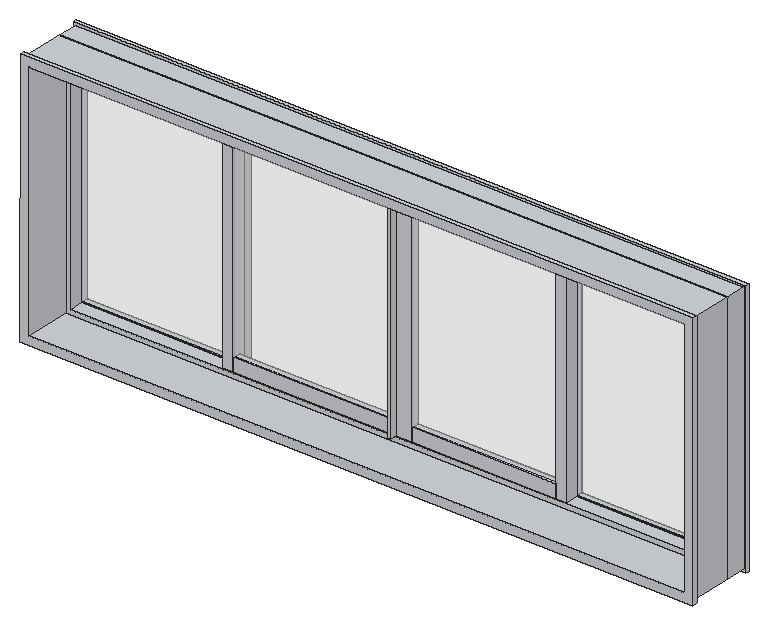
Revit family "APL Residential Thermal Heart Sliding Window FSSF", category Windows, host Wall, Revit 2017 (continued)
Definition of nested family "APL Residential Thermal Heart Sliding Window FSSF Vertical Section"
  Definition of nested family "Two Panel Head"
    Definition of nested family "65400_Frame Head"
      Lines and regions (mm)
        detail lines, in view "Ref. Level"
          curve 474: arc (16.645, -2.9, 0) -> (17.218, -3.081, 0) -> (17.584, -3.558, 0) r 1
          curve 475: arc (18.377, -5.737, 0) -> (18.524, -5.928, 0) -> (18.753, -6, 0) r 0.4
          curve 476: arc (21.447, -6, 0) -> (21.676, -5.928, 0) -> (21.823, -5.737, 0) r 0.4
          curve 477: arc (22.616, -3.558, 0) -> (22.982, -3.081, 0) -> (23.555, -2.9, 0) r 1
          curve 478: arc (24.478, -2.9, 0) -> (24.789, -2.859, 0) -> (25.079, -2.739, 0) r 1.2
          curve 479: arc (26.607, -1.854, 0) -> (26.704, -1.814, 0) -> (26.807, -1.8, 0) r 0.4
          curve 480: arc (27.1, -1.8, 0) -> (27.383, -1.917, 0) -> (27.5, -2.2, 0) r 0.4
          curve 481: arc (27.5, -5.6, 0) -> (27.383, -5.883, 0) -> (27.1, -6, 0) r 0.4
          curve 482: arc (26.807, -6, 0) -> (26.704, -5.986, 0) -> (26.607, -5.946, 0) r 0.4
          curve 483: arc (25.079, -5.061, 0) -> (24.785, -4.94, 0) -> (24.47, -4.9, 0) r 1.2
          curve 484: arc (24.47, -4.9, 0) -> (24.295, -4.953, 0) -> (24.184, -5.097, 0) r 0.3
          curve 485: arc (23.296, -7.537, 0) -> (23.149, -7.728, 0) -> (22.92, -7.8, 0) r 0.4
          curve 486: arc (17.28, -7.8, 0) -> (17.051, -7.728, 0) -> (16.904, -7.537, 0) r 0.4
          curve 487: arc (16.016, -5.097, 0) -> (15.905, -4.953, 0) -> (15.73, -4.9, 0) r 0.3
          curve 488: arc (15.73, -4.9, 0) -> (15.415, -4.94, 0) -> (15.121, -5.061, 0) r 1.2
          curve 489: arc (13.593, -5.946, 0) -> (13.496, -5.986, 0) -> (13.393, -6, 0) r 0.4
          curve 490: arc (13.1, -6, 0) -> (12.817, -5.883, 0) -> (12.7, -5.6, 0) r 0.4
          curve 491: line (13.1, -1.8, 0) -> (13.393, -1.8, 0)
          curve 492: line (13.593, -1.854, 0) -> (15.121, -2.739, 0)
          curve 493: line (15.722, -2.9, 0) -> (16.645, -2.9, 0)
          curve 494: line (17.584, -3.558, 0) -> (18.377, -5.737, 0)
          curve 495: line (18.753, -6, 0) -> (21.447, -6, 0)
          curve 496: line (21.823, -5.737, 0) -> (22.616, -3.558, 0)
          curve 497: line (23.555, -2.9, 0) -> (24.478, -2.9, 0)
          curve 498: line (25.079, -2.739, 0) -> (26.607, -1.854, 0)
          curve 499: line (26.807, -1.8, 0) -> (27.1, -1.8, 0)
          curve 500: line (27.5, -2.2, 0) -> (27.5, -5.6, 0)
          curve 501: line (27.1, -6, 0) -> (26.807, -6, 0)
          curve 502: line (26.607, -5.946, 0) -> (25.079, -5.061, 0)
          curve 503: line (24.184, -5.097, 0) -> (23.296, -7.537, 0)
          curve 504: line (22.92, -7.8, 0) -> (17.28, -7.8, 0)
          curve 505: line (16.904, -7.537, 0) -> (16.016, -5.097, 0)
          curve 506: line (15.121, -5.061, 0) -> (13.593, -5.946, 0)
          curve 507: line (13.393, -6, 0) -> (13.1, -6, 0)
          curve 508: line (12.7, -5.6, 0) -> (12.7, -2.2, 0)
          curve 509: arc (10.8, -6.498, 0) -> (11.356, -7.843, 0) -> (12.7, -8.4, 0) r 1.9
          curve 510: arc (13.1, -8.4, 0) -> (13.241, -8.459, 0) -> (13.3, -8.6, 0) r 0.2
          curve 511: arc (13.3, -15.4, 0) -> (13.241, -15.541, 0) -> (13.1, -15.6, 0) r 0.2
          curve 512: arc (11, -15.6, 0) -> (10.859, -15.659, 0) -> (10.8, -15.8, 0) r 0.2
          curve 513: arc (10.8, -16.283, 0) -> (10.741, -16.425, 0) -> (10.6, -16.483, 0) r 0.2
          curve 514: arc (1.9, -16.483, 0) -> (1.546, -16.337, 0) -> (1.4, -15.983, 0) r 0.5
          curve 515: arc (1.4, -2.245, 0) -> (1.521, -1.631, 0) -> (1.869, -1.111, 0) r 1.6
          curve 516: arc (6.387, 3.407, 0) -> (6.711, 3.624, 0) -> (7.094, 3.7, 0) r 1
          curve 517: arc (9.8, 3.7, 0) -> (10.507, 3.407, 0) -> (10.8, 2.7, 0) r 1
          curve 518: arc (1.665, -23.621, 0) -> (1.729, -23.522, 0) -> (1.725, -23.403, 0) r 0.2
          curve 519: arc (1.725, -23.403, 0) -> (1.621, -23.234, 0) -> (1.453, -23.127, 0) r 0.45
          curve 520: arc (1.453, -23.127, 0) -> (1.357, -23.052, 0) -> (1.322, -22.936, 0) r 0.2
          curve 521: arc (1.379, -18.081, 0) -> (1.438, -17.941, 0) -> (1.579, -17.883, 0) r 0.2
          curve 522: arc (10.6, -17.883, 0) -> (10.741, -17.942, 0) -> (10.8, -18.083, 0) r 0.2
          curve 523: arc (10.8, -22.172, 0) -> (10.773, -22.272, 0) -> (10.7, -22.345, 0) r 0.2
          curve 524: arc (9.6, -22.98, 0) -> (9.38, -23.2, 0) -> (9.3, -23.5, 0) r 0.6
          curve 525: arc (9.3, -23.8, 0) -> (9.359, -23.941, 0) -> (9.5, -24, 0) r 0.2
          curve 526: arc (13.617, -24, 0) -> (13.922, -23.801, 0) -> (14.195, -24.043, 0) r 0.3
          curve 527: arc (14.195, -24.043, 0) -> (14.261, -24.181, 0) -> (14.387, -24.268, 0) r 0.3
          curve 528: arc (15.797, -24.782, 0) -> (16.083, -24.738, 0) -> (16.199, -24.474, 0) r 0.3
          curve 529: arc (15.992, -22.108, 0) -> (15.965, -22.008, 0) -> (15.905, -21.922, 0) r 0.3
          curve 530: arc (15.541, -21.559, 0) -> (15.348, -21.507, 0) -> (15.207, -21.648, 0) r 0.2
          curve 531: arc (15.162, -21.816, 0) -> (15.11, -21.905, 0) -> (15.021, -21.957, 0) r 0.2
          curve 532: arc (12.878, -22.49, 0) -> (12.536, -22.343, 0) -> (12.6, -21.976, 0) r 0.3
          curve 533: arc (12.6, -21.976, 0) -> (12.674, -21.875, 0) -> (12.7, -21.753, 0) r 0.3
          curve 534: arc (12.506, -17.75, 0) -> (12.542, -17.578, 0) -> (12.7, -17.5, 0) r 0.2
          curve 535: arc (13.221, -17.5, 0) -> (13.302, -17.511, 0) -> (13.377, -17.544, 0) r 0.3
          curve 536: arc (14.631, -18.309, 0) -> (14.637, -18.502, 0) -> (14.78, -18.633, 0) r 0.25
          curve 537: arc (14.78, -18.633, 0) -> (15.05, -18.679, 0) -> (15.2, -18.45, 0) r 0.25
          curve 538: arc (15.2, -8.599, 0) -> (15.259, -8.458, 0) -> (15.4, -8.4, 0) r 0.2
          curve 539: arc (16.479, -8.4, 0) -> (16.643, -8.315, 0) -> (16.667, -8.132, 0) r 0.2
          curve 540: arc (15.775, -5.682, 0) -> (15.702, -5.586, 0) -> (15.587, -5.55, 0) r 0.2
          curve 541: arc (15.353, -5.55, 0) -> (15.248, -5.52, 0) -> (15.174, -5.439, 0) r 0.2
          curve 542: arc (15.174, -5.439, 0) -> (14.995, -5.304, 0) -> (14.78, -5.367, 0) r 0.25
          curve 543: arc (14.78, -5.367, 0) -> (14.637, -5.498, 0) -> (14.631, -5.691, 0) r 0.25
          curve 544: arc (13.377, -6.456, 0) -> (13.302, -6.489, 0) -> (13.221, -6.5, 0) r 0.3
          curve 545: arc (12.7, -6.5, 0) -> (12.542, -6.422, 0) -> (12.506, -6.25, 0) r 0.2
          curve 546: arc (12.7, -2.247, 0) -> (12.674, -2.125, 0) -> (12.6, -2.024, 0) r 0.3
          curve 547: arc (12.6, -2.024, 0) -> (12.536, -1.657, 0) -> (12.878, -1.51, 0) r 0.3
          curve 548: arc (15.021, -2.043, 0) -> (15.11, -2.095, 0) -> (15.162, -2.184, 0) r 0.2
          curve 549: arc (15.207, -2.352, 0) -> (15.348, -2.493, 0) -> (15.541, -2.441, 0) r 0.2
          curve 550: arc (15.905, -2.078, 0) -> (15.965, -1.992, 0) -> (15.992, -1.892, 0) r 0.3
          curve 551: arc (16.199, 0.474, 0) -> (16.083, 0.738, 0) -> (15.797, 0.782, 0) r 0.3
          curve 552: arc (14.387, 0.268, 0) -> (14.261, 0.181, 0) -> (14.195, 0.043, 0) r 0.3
          curve 553: arc (14.195, 0.043, 0) -> (13.922, -0.199, 0) -> (13.617, 0, 0) r 0.3
          curve 554: arc (12.6, 0, 0) -> (12.459, 0.059, 0) -> (12.4, 0.2, 0) r 0.2
          curve 555: arc (12.4, 2.696, 0) -> (11.64, 4.537, 0) -> (9.8, 5.3, 0) r 2.6
          curve 556: arc (7.9, 5.3, 0) -> (7.547, 5.446, 0) -> (7.4, 5.8, 0) r 0.5
          curve 557: arc (7.4, 13.402, 0) -> (7.508, 13.581, 0) -> (7.716, 13.566, 0) r 0.2
          curve 558: arc (7.716, 13.566, 0) -> (8.721, 13.692, 0) -> (8.684, 14.705, 0) r 0.75
          curve 559: arc (8.684, 14.705, 0) -> (8.15, 16.005, 0) -> (8.684, 17.305, 0) r 1.85
          curve 560: arc (8.684, 17.305, 0) -> (8.794, 17.447, 0) -> (8.867, 17.612, 0) r 0.75
          curve 561: arc (8.867, 17.612, 0) -> (8.97, 17.796, 0) -> (9.14, 17.921, 0) r 0.5
          curve 562: arc (9.14, 17.921, 0) -> (10, 18.105, 0) -> (10.86, 17.921, 0) r 2.1
          curve 563: arc (10.86, 17.921, 0) -> (11.03, 17.796, 0) -> (11.133, 17.612, 0) r 0.5
          curve 564: arc (11.133, 17.612, 0) -> (11.206, 17.447, 0) -> (11.316, 17.305, 0) r 0.75
          curve 565: arc (11.316, 17.305, 0) -> (11.85, 16.005, 0) -> (11.316, 14.705, 0) r 1.85
          curve 566: arc (11.316, 14.705, 0) -> (11.323, 13.644, 0) -> (12.384, 13.651, 0) r 0.75
          curve 567: arc (12.384, 13.651, 0) -> (13.348, 15.881, 0) -> (12.551, 18.176, 0) r 3.35
          curve 568: arc (12.551, 18.176, 0) -> (12.478, 18.71, 0) -> (12.932, 19, 0) r 0.5
          curve 569: arc (13.15, 19, 0) -> (13.291, 19.059, 0) -> (13.35, 19.2, 0) r 0.2
          curve 570: arc (13.35, 19.5, 0) -> (13.204, 19.854, 0) -> (12.85, 20, 0) r 0.5
          curve 571: arc (7, 20, 0) -> (6.293, 19.707, 0) -> (6, 19, 0) r 1
          curve 572: arc (6, 6.243, 0) -> (5.772, 5.095, 0) -> (5.121, 4.121, 0) r 3
          curve 573: arc (0.879, -0.121, 0) -> (0.228, -1.095, 0) -> (0, -2.243, 0) r 3
          curve 574: arc (0, -23.8, 0) -> (0.059, -23.941, 0) -> (0.2, -24, 0) r 0.2
          curve 575: line (10.8, 2.7, 0) -> (10.8, -6.498, 0)
          curve 576: line (12.7, -8.4, 0) -> (13.1, -8.4, 0)
          curve 577: line (13.3, -8.6, 0) -> (13.3, -15.4, 0)
          curve 578: line (13.1, -15.6, 0) -> (11, -15.6, 0)
          curve 579: line (10.8, -15.8, 0) -> (10.8, -16.283, 0)
          curve 580: line (10.6, -16.483, 0) -> (1.9, -16.483, 0)
          curve 581: line (1.4, -15.983, 0) -> (1.4, -2.245, 0)
          curve 582: line (1.869, -1.111, 0) -> (6.387, 3.407, 0)
          curve 583: line (7.094, 3.7, 0) -> (9.8, 3.7, 0)
          curve 584: line (1.322, -22.936, 0) -> (1.379, -18.081, 0)
          curve 585: line (1.579, -17.883, 0) -> (10.6, -17.883, 0)
          curve 586: line (10.8, -18.083, 0) -> (10.8, -22.172, 0)
          curve 587: line (10.7, -22.345, 0) -> (9.6, -22.98, 0)
          curve 588: line (9.3, -23.5, 0) -> (9.3, -23.8, 0)
          curve 589: line (9.5, -24, 0) -> (13.617, -24, 0)
          curve 590: line (14.387, -24.268, 0) -> (15.797, -24.782, 0)
          curve 591: line (16.199, -24.474, 0) -> (15.992, -22.108, 0)
          curve 592: line (15.905, -21.922, 0) -> (15.541, -21.559, 0)
          curve 593: line (15.207, -21.648, 0) -> (15.162, -21.816, 0)
          curve 594: line (15.021, -21.957, 0) -> (12.888, -22.528, 0)
          curve 595: line (12.7, -21.753, 0) -> (12.7, -18.525, 0)
          curve 596: line (12.7, -18.5, 0) -> (12.506, -17.75, 0)
          curve 597: line (12.7, -17.5, 0) -> (13.221, -17.5, 0)
          curve 598: line (13.377, -17.544, 0) -> (14.631, -18.309, 0)
          curve 599: line (15.2, -18.45, 0) -> (15.2, -16.874, 0)
          curve 600: line (15.2, -16.874, 0) -> (15.2, -8.599, 0)
          curve 601: line (15.4, -8.4, 0) -> (16.479, -8.4, 0)
          curve 602: line (16.667, -8.132, 0) -> (15.775, -5.682, 0)
          curve 603: line (15.587, -5.55, 0) -> (15.353, -5.55, 0)
          curve 604: line (14.631, -5.691, 0) -> (13.377, -6.456, 0)
          curve 605: line (13.221, -6.5, 0) -> (12.7, -6.5, 0)
          curve 606: line (12.506, -6.25, 0) -> (12.7, -5.5, 0)
          curve 607: line (12.7, -5.475, 0) -> (12.7, -2.247, 0)
          curve 608: line (12.888, -1.472, 0) -> (15.021, -2.043, 0)
          curve 609: line (15.162, -2.184, 0) -> (15.207, -2.352, 0)
          curve 610: line (15.541, -2.441, 0) -> (15.905, -2.078, 0)
          curve 611: line (15.992, -1.892, 0) -> (16.199, 0.474, 0)
          curve 612: line (15.797, 0.782, 0) -> (14.387, 0.268, 0)
          curve 613: line (13.617, 0, 0) -> (12.6, 0, 0)
          curve 614: line (12.4, 0.2, 0) -> (12.4, 2.696, 0)
          curve 615: line (9.8, 5.3, 0) -> (7.9, 5.3, 0)
          curve 616: line (7.4, 5.8, 0) -> (7.4, 13.402, 0)
          curve 617: line (12.932, 19, 0) -> (13.15, 19, 0)
          curve 618: line (13.35, 19.2, 0) -> (13.35, 19.5, 0)
          curve 619: line (12.85, 20, 0) -> (7, 20, 0)
          curve 620: line (6, 19, 0) -> (6, 6.243, 0)
          curve 621: line (5.121, 4.121, 0) -> (0.879, -0.121, 0)
          curve 622: line (0, -2.243, 0) -> (0, -23.8, 0)
          curve 623: line (0.2, -24, 0) -> (1.214, -24, 0)
          curve 624: line (1.214, -24, 0) -> (1.665, -23.621, 0)
          curve 625: line (106.85, -41.439, 0) -> (112.6, -39.899, 0)
          curve 626: line (111.139, -40.29, 0) -> (106.85, -40.29, 0)
          curve 627: line (112.6, -39.45, 0) -> (106.85, -39.45, 0)
          curve 628: line (112.6, -38.61, 0) -> (106.85, -38.61, 0)
          curve 629: line (112.6, -37.69, 0) -> (106.85, -37.69, 0)
          curve 630: line (112.6, -36.85, 0) -> (106.85, -36.85, 0)
          curve 631: line (111.139, -36.01, 0) -> (106.85, -36.01, 0)
          curve 632: line (112.6, -36.401, 0) -> (106.85, -34.861, 0)
          curve 633: line (112.85, -41.6, 0) -> (112.85, -34.7, 0)
          curve 634: line (112.6, -34.7, 0) -> (112.6, -41.6, 0)
          curve 635: line (112.6, -41.6, 0) -> (113.1, -41.6, 0)
          curve 636: line (113.1, -41.6, 0) -> (113.1, -34.7, 0)
          curve 637: line (113.1, -34.7, 0) -> (112.6, -34.7, 0)
          curve 651: line (74.132, -41.648, 0) -> (68.382, -40.107, 0)
          curve 652: line (69.843, -40.498, 0) -> (74.132, -40.498, 0)
          curve 653: line (68.382, -39.658, 0) -> (74.132, -39.658, 0)
          curve 654: line (68.382, -38.818, 0) -> (74.132, -38.818, 0)
          curve 655: line (68.382, -37.898, 0) -> (74.132, -37.898, 0)
          curve 656: line (68.382, -37.058, 0) -> (74.132, -37.058, 0)
          curve 657: line (69.843, -36.218, 0) -> (74.132, -36.218, 0)
          curve 658: line (68.382, -36.61, 0) -> (74.132, -35.069, 0)
          curve 659: line (68.132, -41.808, 0) -> (68.132, -34.908, 0)
          curve 660: line (68.382, -34.908, 0) -> (68.382, -41.808, 0)
          curve 661: line (68.382, -41.808, 0) -> (67.882, -41.808, 0)
          curve 662: line (67.882, -41.808, 0) -> (67.882, -34.908, 0)
          curve 663: line (67.882, -34.908, 0) -> (68.382, -34.908, 0)
        detail lines, in view "Ref. Level", not visible
          curve 638: line (101.764, -41.439, 0) -> (107.514, -39.899, 0)
          curve 639: line (106.053, -40.29, 0) -> (101.764, -40.29, 0)
          curve 640: line (107.514, -39.45, 0) -> (101.764, -39.45, 0)
          curve 641: line (107.514, -38.61, 0) -> (101.764, -38.61, 0)
          curve 642: line (107.514, -37.69, 0) -> (101.764, -37.69, 0)
          curve 643: line (107.514, -36.85, 0) -> (101.764, -36.85, 0)
          curve 644: line (106.053, -36.01, 0) -> (101.764, -36.01, 0)
          curve 645: line (107.514, -36.401, 0) -> (101.764, -34.861, 0)
          curve 646: line (107.764, -41.6, 0) -> (107.764, -34.7, 0)
          curve 647: line (107.514, -34.7, 0) -> (107.514, -41.6, 0)
          curve 648: line (107.514, -41.6, 0) -> (108.014, -41.6, 0)
          curve 649: line (108.014, -41.6, 0) -> (108.014, -34.7, 0)
          curve 650: line (108.014, -34.7, 0) -> (107.514, -34.7, 0)
      Text (mm)
        text "65400" at (41.516, 17.579, 0), in view "Ref. Level"
Definition of nested family "APL Residential Thermal Heart Sliding Window FSSF Horizontal Section"
  Parameters (values of type "Groove")
    Liner End [instance] = 10 mm
    Liner Block = Liner : Liner
    Liner [instance] = 100 mm
    Groove [instance] = 10 mm
    Glass Length [instance] = (Box Width / 4) - 96 mm  # 154 mm
    Glass Fixed Length [instance] = (Box Width / 4) - 44 mm  # 206 mm
    Box Width [instance] = 1000 mm
  Types (8, lengths in mm): name | Liner Block | Glass Length | Glass Fixed Length | Box Width
    Groove | Liner : Liner | 154 | 206 | 1000
    No Groove | Liner No Groove : Liner No Groove | 154 | 206 | 1000
    Liner | Liner No Groove : Liner No Groove | 29 | 81 | 500
    Groove Liner | Liner : Liner | 154 | 206 | 1000
    Single Glazing No Groove | Liner No Groove : Liner No Groove | 29 | 81 | 500
    Double Glazing No Groove | Liner No Groove : Liner No Groove | 29 | 81 | 500
    Single Glazing Groove | Liner : Liner | 29 | 81 | 500
    Double Glazing Groove | Liner : Liner | 29 | 81 | 500
  Reference planes
    plane 1 "Center (Front/Back)": y = 39.446
    plane 2: z = 0
    plane 3 "Center (Left/Right)": x = -0.083
    plane 4: x = -500.083
    plane 5: x = 499.917
    plane 6: y = 150.946
    plane 7: y = 150.946
    plane 8: x = -250.083
    plane 9: x = 249.917
    plane 10: x = -505.083
    plane 11: y = 57.796
    plane 12: y = 52.796
  Dimensions and locks
    equal spacing: plane 4, plane 3 "Center (Left/Right)", plane 5
    "Box Width": plane 4 to plane 5
    "Liner": plane 6 to nested 1
    "Liner": plane 7 to nested 2
    locked: nested 6 to nested 3 at 6.324
    locked: nested 3 to nested 7 at 6
    locked: nested 4 to nested 5 at 6.351
    locked: nested 4 to nested 5 at 30.351
    locked: nested 1 to nested 4 at 22.397
    locked: nested 4 to nested 4 at 43
    locked: nested 9 to nested 2 at 22.397
    locked: nested 12 to nested 10 at 6.324
    locked: nested 10 to nested 13 at 6
    locked: nested 11 to nested 9 at 6.4
    locked: nested 8 to nested 15 at 6
    locked: nested 15 to nested 14 at 6
    nested 10 to plane 9 to nested 10 = 25.41 mm locked, 26.59 mm locked
    nested 13 to plane 9 to nested 12 = 12.408 mm locked, 13.915 mm locked
    nested 6 to plane 8 to nested 7 = 13.915 mm locked, 12.408 mm locked
    locked: nested 11 to plane 5 at 30.4
    equal spacing: plane 4, plane 8, plane 3 "Center (Left/Right)"
    equal spacing: plane 3 "Center (Left/Right)", plane 9, plane 5
    plane 10 to plane 4 = 5 mm
    locked: plane 11 to nested 4 at 5
    nested 8 to plane 3 "Center (Left/Right)" to nested 14 = 69.673 mm locked, 16.385 mm locked
    nested 15 to plane 3 "Center (Left/Right)" to nested 15 = 82.678 mm locked, 29.39 mm locked
    aligned and locked: plane 7 to nested 2
    aligned and locked: plane 4 to nested 4
    aligned and locked: nested 4 to plane 12
  Nested families
    nested 1: "Liner" at (-479.48, 150.946, 0) x (0, 1, 0) z (0, 0, 1), type <- "Liner Block", type "Liner", in view "Ref. Level", detail levels fine
      with built-in parameter 1001306 0.32808 (stored number, unit not read)
    nested 2: "Liner" at (479.313, 150.946, 0) x (0, 1, 0) z (0, 0, 1), type <- "Liner Block", type "Liner", in view "Ref. Level", detail levels fine
      with built-in parameter 1001306 0.32808 (stored number, unit not read)
    nested 3: "Interlocker" at (-250.083, 109.946, 0), type "Interlocker", in view "Ref. Level", detail levels fine
    nested 4: "Jamb Fixed" at (-500.083, 39.446, 0), type "Jamb Fixed", in view "Ref. Level", detail levels fine
    nested 5: "Glazing Bead" at (-469.732, 54.946, 0) x (0, 1, 0) z (0, 0, 1), Glass Lenght <- "Glass Fixed Length", type "Glazing Bead", in view "Ref. Level", detail levels fine
      with Glass Lenght 206 mm
    nested 6: "Glazing Bead" at (-263.998, 54.946, 0) x (0, 1, 0) z (0, 0, 1), Glass Lenght <- "Glass Fixed Length", type "Glazing Bead", in view "Ref. Level", detail levels fine
      with Glass Lenght 206 mm
    nested 7: "Glass" at (-237.676, 117.147, 0) x (0, 1, 0) z (0, 0, 1), Glass Lenght <- "Glass Length", type "Glass", in view "Ref. Level", detail levels fine
      with Glass Lenght 154 mm
    nested 8: "Glass" at (-69.757, 117.147, 0) x (0, 1, 0) z (0, 0, 1), Glass Lenght <- "Glass Length", type "Glass", in view "Ref. Level", detail levels fine
      with Glass Lenght 154 mm
    nested 9: "Jamb Fixed" at (499.917, 39.446, 0) x (-1, 0, 0) z (0, 0, 1), type "Jamb Fixed", in view "Ref. Level", detail levels fine
    nested 10: "Interlocker" at (249.917, 109.946, 0) x (-1, 0, 0) z (0, 0, 1), type "Interlocker", in view "Ref. Level", detail levels fine
    nested 11: "Glazing Bead" at (469.517, 54.946, 0) x (0, 1, 0) z (0, 0, 1), Glass Lenght <- "Glass Fixed Length", type "Glazing Bead", in view "Ref. Level", detail levels fine
      with Glass Lenght 206 mm
    nested 12: "Glazing Bead" at (263.831, 54.946, 0) x (0, 1, 0) z (0, 0, 1), Glass Lenght <- "Glass Fixed Length", type "Glazing Bead", in view "Ref. Level", detail levels fine
      with Glass Lenght 206 mm
    nested 13: "Glass" at (237.509, 117.147, 0) x (0, 1, 0) z (0, 0, 1), Glass Lenght <- "Glass Length", type "Glass", in view "Ref. Level", detail levels fine
      with Glass Lenght 154 mm
    nested 14: "Glass" at (16.302, 117.147, 0) x (0, 1, 0) z (0, 0, 1), Glass Lenght <- "Glass Length", type "Glass", in view "Ref. Level", detail levels fine
      with Glass Lenght 154 mm
    nested 15: "Jointer Stiles" at (-20.083, 131.847, 0), type "Jointer Stiles", in view "Ref. Level", detail levels fine
  Definition of nested family "Liner"
    Parameters (values of type "Liner")
      Type Image = (empty or 0)
      built-in parameter 1001306 [instance] = 100 mm
      Groove [instance] = 10 mm
      End Liner [instance] = 10 mm
    Reference planes
      plane 1 "Center (Front/Back)": y = 0
      plane 2: z = 0
      plane 3 "Left": x = 0
      plane 4 "Right": x = 100
    Lines and regions (mm)
      Filled region 1, type "Brick", in view "Ref. Level"
        outline origin (0, 0, 0) x (1, 0, 0) y (0, 1, 0)
          loop
            line (0, 0) -> (120, 0) -> (120, 19) -> (110, 19) -> (110, 13.435) -> (100, 13.435) -> (100, 19) -> (0, 19) -> (0, 0)
      reference lines, in view "Ref. Level"
        curve 1: line (0, 0, 0) -> (100, 0, 0)
      detail lines, in view "Ref. Level", detail levels fine
        curve 2: line (100, 0, 0) -> (0, 0, 0)
    Dimensions and locks
      "built-in parameter 1001306": plane 3 "Left" to plane 4 "Right"
      locked: Filled region 1 to curve 2 at 19
      "Groove": plane 4 "Right" to Filled region 1
      "End Liner": Filled region 1 to Filled region 1
      aligned and locked: plane 1 "Center (Front/Back)" to curve 1
      aligned and locked: plane 3 "Left" to curve 1
      aligned and locked: plane 4 "Right" to curve 1
      aligned and locked: curve 1 to Filled region 1
      aligned and locked: plane 1 "Center (Front/Back)" to Filled region 1
      aligned and locked: Filled region 1 to plane 3 "Left"
    Automatic sketch dimensions
      curve 2 to plane 4 "Right" = 0 mm
      Filled region 1 sketch curve to plane 3 "Left" = 0 mm
      Filled region 1 sketch curve to plane 4 "Right" = 0 mm
      Filled region 1 sketch curve to Filled region 1 sketch curve = 10 mm  (x2)
      Filled region 1 sketch curve to plane 1 "Center (Front/Back)" = 0 mm
      Filled region 1 sketch curve to plane 1 "Center (Front/Back)" = 13.435 mm
      Filled region 1 sketch curve to Filled region 1 sketch curve = 5.565 mm  (x2)
      curve 2 to plane 3 "Left" = 0 mm
  Definition of nested family "Interlocker"
    Reference planes
      plane 1 "Center (Front/Back)": y = 0
      plane 2: z = 0
      plane 3 "Center (Left/Right)": x = 0
    Lines and regions (mm)
      detail lines, in view "Ref. Level"
        curve 1: arc (-27.946, -29.718, 0) -> (-28.086, -30.028, 0) -> (-27.787, -30.191, 0) r 0.25
        curve 2: arc (-17.899, -30.164, 0) -> (-17.6, -30.002, 0) -> (-17.74, -29.692, 0) r 0.25
        curve 3: line (-27.787, -30.191, 0) -> (-23.919, -29.197, 0)
        curve 4: line (-23.919, -29.197, 0) -> (-23.34, -30.2, 0)
        curve 5: line (-23.34, -30.2, 0) -> (-22.34, -30.2, 0)
        curve 6: line (-22.34, -30.2, 0) -> (-21.748, -29.175, 0)
        curve 7: line (-21.748, -29.175, 0) -> (-17.899, -30.164, 0)
        curve 8: line (-17.74, -29.692, 0) -> (-21.84, -27.968, 0)
        curve 9: line (-21.84, -27.968, 0) -> (-21.84, -26.7, 0)
        curve 10: line (-21.84, -26.7, 0) -> (-20.59, -26.7, 0)
        curve 11: line (-20.59, -26.7, 0) -> (-20.59, -25.7, 0)
        curve 12: line (-20.59, -25.7, 0) -> (-25.09, -25.7, 0)
        curve 13: line (-25.09, -25.7, 0) -> (-25.09, -26.7, 0)
        curve 14: line (-25.09, -26.7, 0) -> (-23.84, -26.7, 0)
        curve 15: line (-23.84, -26.7, 0) -> (-23.84, -27.992, 0)
        curve 16: line (-23.84, -27.992, 0) -> (-27.946, -29.718, 0)
      detail lines, in view "Ref. Level", not visible
        curve 17: arc (33.161, -9.933, 0) -> (32.851, -9.793, 0) -> (32.689, -10.092, 0) r 0.25
        curve 18: arc (32.715, -19.98, 0) -> (32.877, -20.279, 0) -> (33.188, -20.139, 0) r 0.25
        curve 19: line (32.689, -10.092, 0) -> (33.683, -13.959, 0)
        curve 20: line (33.683, -13.959, 0) -> (32.679, -14.539, 0)
        curve 21: line (32.679, -14.539, 0) -> (32.679, -15.539, 0)
        curve 22: line (32.679, -15.539, 0) -> (33.705, -16.131, 0)
        curve 23: line (33.705, -16.131, 0) -> (32.715, -19.98, 0)
        curve 24: line (33.188, -20.139, 0) -> (34.912, -16.039, 0)
        curve 25: line (34.912, -16.039, 0) -> (36.179, -16.039, 0)
        curve 26: line (36.179, -16.039, 0) -> (36.179, -17.289, 0)
        curve 27: line (36.179, -17.289, 0) -> (37.179, -17.289, 0)
        curve 28: line (37.179, -17.289, 0) -> (37.179, -12.789, 0)
        curve 29: line (37.179, -12.789, 0) -> (36.179, -12.789, 0)
        curve 30: line (36.179, -12.789, 0) -> (36.179, -14.039, 0)
        curve 31: line (36.179, -14.039, 0) -> (34.887, -14.039, 0)
        curve 32: line (34.887, -14.039, 0) -> (33.161, -9.933, 0)
    Nested families
      nested 1: "65500_Interlocker Stile" at (-26.59, -6.05, 0) x (-1, 0, 0) z (0, 0, 1), type "65500_Interlocker Stile", in view "Ref. Level"
      nested 2: "65420_Interlocker Mullion" at (25.41, -70.5, 0), type "65420_Interlocker Mullion", in view "Ref. Level"
    Definition of nested family "65500_Interlocker Stile"
      Reference planes
        plane 1 "Center (Front/Back)": y = 0
        plane 2: z = 0
        plane 3 "Center (Left/Right)": x = 0
      Lines and regions (mm)
        model lines, in view "Ref. Level"
          curve 1: arc (-13.564, 1.218, 0) -> (-13.278, 1.262, 0) -> (-13.162, 1.526, 0) r 0.3
          curve 2: arc (-13.369, 3.892, 0) -> (-13.396, 3.992, 0) -> (-13.456, 4.078, 0) r 0.3
          curve 3: arc (-13.819, 4.441, 0) -> (-14.013, 4.493, 0) -> (-14.154, 4.352, 0) r 0.2
          curve 4: arc (-14.199, 4.184, 0) -> (-14.251, 4.095, 0) -> (-14.34, 4.043, 0) r 0.2
          curve 5: arc (-16.561, 3.5, 0) -> (-16.841, 3.693, 0) -> (-16.761, 4.024, 0) r 0.3
          curve 6: arc (-16.761, 4.024, 0) -> (-16.687, 4.125, 0) -> (-16.661, 4.247, 0) r 0.3
          curve 7: arc (-16.855, 8.25, 0) -> (-16.819, 8.422, 0) -> (-16.661, 8.5, 0) r 0.2
          curve 8: arc (-16.14, 8.5, 0) -> (-16.059, 8.489, 0) -> (-15.983, 8.456, 0) r 0.3
          curve 9: arc (-14.73, 7.691, 0) -> (-14.733, 7.521, 0) -> (-14.627, 7.389, 0) r 0.25
          curve 10: arc (-14.541, 7.337, 0) -> (-14.289, 7.332, 0) -> (-14.161, 7.549, 0) r 0.25
          curve 11: arc (-14.161, 7.8, 0) -> (-14.102, 7.941, 0) -> (-13.961, 8, 0) r 0.2
          curve 12: arc (-13.688, 8, 0) -> (-13.573, 8.036, 0) -> (-13.5, 8.132, 0) r 0.2
          curve 13: arc (-13.266, 8.775, 0) -> (-13.244, 8.859, 0) -> (-13.236, 8.946, 0) r 0.5
          curve 14: arc (-13.236, 9.9, 0) -> (-13.382, 10.254, 0) -> (-13.736, 10.4, 0) r 0.5
          curve 15: arc (-24.052, 10.4, 0) -> (-24.41, 10.544, 0) -> (-24.559, 10.9, 0) r 0.5
          curve 16: arc (-24.559, 14.446, 0) -> (-24.704, 14.802, 0) -> (-25.059, 14.95, 0) r 0.5
          curve 17: arc (-27.408, 14.95, 0) -> (-27.627, 14.823, 0) -> (-27.622, 14.57, 0) r 0.25
          curve 18: arc (-27.57, 14.484, 0) -> (-27.437, 14.378, 0) -> (-27.268, 14.381, 0) r 0.25
          curve 19: arc (-26.503, 13.127, 0) -> (-26.47, 13.052, 0) -> (-26.459, 12.971, 0) r 0.3
          curve 20: arc (-26.459, 12.45, 0) -> (-26.536, 12.292, 0) -> (-26.709, 12.256, 0) r 0.2
          curve 21: arc (-30.711, 12.45, 0) -> (-30.834, 12.424, 0) -> (-30.935, 12.35, 0) r 0.3
          curve 22: arc (-30.935, 12.35, 0) -> (-31.266, 12.27, 0) -> (-31.459, 12.55, 0) r 0.3
          curve 23: arc (-30.916, 14.771, 0) -> (-30.864, 14.86, 0) -> (-30.774, 14.912, 0) r 0.2
          curve 24: arc (-30.607, 14.957, 0) -> (-30.465, 15.098, 0) -> (-30.517, 15.291, 0) r 0.2
          curve 25: arc (-30.881, 15.655, 0) -> (-30.966, 15.715, 0) -> (-31.067, 15.742, 0) r 0.3
          curve 26: arc (-33.432, 15.949, 0) -> (-33.697, 15.833, 0) -> (-33.741, 15.547, 0) r 0.3
          curve 27: arc (-33.227, 14.137, 0) -> (-33.14, 14.011, 0) -> (-33.002, 13.945, 0) r 0.3
          curve 28: arc (-33.002, 13.945, 0) -> (-32.759, 13.672, 0) -> (-32.959, 13.367, 0) r 0.3
          curve 29: arc (-32.959, 12.624, 0) -> (-33.017, 12.482, 0) -> (-33.159, 12.424, 0) r 0.2
          curve 30: arc (-35.159, 12.424, 0) -> (-35.512, 12.277, 0) -> (-35.659, 11.924, 0) r 0.5
          curve 31: arc (-35.659, 10.05, 0) -> (-35.717, 9.908, 0) -> (-35.859, 9.85, 0) r 0.2
          curve 32: arc (-45.581, 9.85, 0) -> (-45.935, 9.996, 0) -> (-46.081, 10.349, 0) r 0.499
          curve 33: arc (-46.081, 10.75, 0) -> (-45.935, 11.104, 0) -> (-45.581, 11.25, 0) r 0.5
          curve 34: arc (-44.831, 11.25, 0) -> (-44.69, 11.309, 0) -> (-44.631, 11.45, 0) r 0.2
          curve 35: arc (-44.631, 12.05, 0) -> (-44.69, 12.191, 0) -> (-44.831, 12.25, 0) r 0.2
          curve 36: arc (-47.931, 12.25, 0) -> (-48.072, 12.191, 0) -> (-48.131, 12.05, 0) r 0.2
          curve 37: arc (-48.131, 11.45, 0) -> (-48.072, 11.309, 0) -> (-47.931, 11.25, 0) r 0.2
          curve 38: arc (-47.581, 11.25, 0) -> (-47.44, 11.191, 0) -> (-47.381, 11.05, 0) r 0.2
          curve 39: arc (-47.381, 10.45, 0) -> (-47.44, 10.309, 0) -> (-47.581, 10.25, 0) r 0.2
          curve 40: arc (-47.931, 10.25, 0) -> (-48.072, 10.191, 0) -> (-48.131, 10.05, 0) r 0.2
          curve 41: arc (-48.131, 9.749, 0) -> (-48.277, 9.395, 0) -> (-48.631, 9.249, 0) r 0.5
          curve 42: arc (-49.631, 9.249, 0) -> (-49.985, 9.395, 0) -> (-50.131, 9.749, 0) r 0.5
          curve 43: arc (-50.131, 10.05, 0) -> (-50.19, 10.191, 0) -> (-50.331, 10.25, 0) r 0.2
          curve 44: arc (-50.681, 10.25, 0) -> (-50.822, 10.309, 0) -> (-50.881, 10.45, 0) r 0.2
          curve 45: arc (-50.881, 11.05, 0) -> (-50.822, 11.191, 0) -> (-50.681, 11.25, 0) r 0.2
          curve 46: arc (-50.331, 11.25, 0) -> (-50.19, 11.309, 0) -> (-50.131, 11.45, 0) r 0.2
          curve 47: arc (-50.131, 12.05, 0) -> (-50.19, 12.191, 0) -> (-50.331, 12.25, 0) r 0.2
          curve 48: arc (-51.761, 12.25, 0) -> (-51.902, 12.191, 0) -> (-51.961, 12.05, 0) r 0.2
          curve 49: arc (-52.336, 8.799, 0) -> (-52.711, 8.424, 0) -> (-52.336, 8.049, 0) r 0.375
          curve 50: arc (-33.059, 8.05, 0) -> (-32.559, 8.55, 0) -> (-33.059, 9.05, 0) r 0.5
          curve 51: arc (-33.959, 9.05, 0) -> (-34.1, 9.109, 0) -> (-34.159, 9.25, 0) r 0.2
          curve 52: arc (-34.159, 10.35, 0) -> (-34.1, 10.491, 0) -> (-33.959, 10.55, 0) r 0.2
          curve 53: arc (-26.659, 10.55, 0) -> (-26.517, 10.491, 0) -> (-26.459, 10.35, 0) r 0.2
          curve 54: arc (-26.459, 9.25, 0) -> (-26.517, 9.109, 0) -> (-26.659, 9.05, 0) r 0.2
          curve 55: arc (-27.559, 9.05, 0) -> (-28.059, 8.55, 0) -> (-27.559, 8.05, 0) r 0.5
          curve 56: arc (-19.061, 8.05, 0) -> (-18.707, 7.904, 0) -> (-18.561, 7.55, 0) r 0.5
          curve 57: arc (-18.561, 2.6, 0) -> (-18.854, 1.893, 0) -> (-19.561, 1.6, 0) r 1
          curve 58: arc (-28.809, 1.6, 0) -> (-29.609, 0.8, 0) -> (-28.809, 0, 0) r 0.8
          curve 59: arc (-17.661, 0, 0) -> (-16.954, 0.293, 0) -> (-16.661, 1, 0) r 1
          curve 60: arc (-16.661, 1.8, 0) -> (-16.602, 1.941, 0) -> (-16.461, 2, 0) r 0.2
          curve 61: arc (-15.744, 2, 0) -> (-15.438, 2.199, 0) -> (-15.166, 1.957, 0) r 0.3
          curve 62: arc (-15.166, 1.957, 0) -> (-15.1, 1.819, 0) -> (-14.974, 1.732, 0) r 0.3
          curve 63: line (-13.162, 1.526, 0) -> (-13.369, 3.892, 0)
          curve 64: line (-13.456, 4.078, 0) -> (-13.819, 4.441, 0)
          curve 65: line (-14.154, 4.352, 0) -> (-14.199, 4.184, 0)
          curve 66: line (-14.199, 4.184, 0) -> (-16.329, 3.51, 0)
          curve 67: line (-16.329, 3.51, 0) -> (-16.561, 3.5, 0)
          curve 68: line (-16.661, 4.247, 0) -> (-16.661, 7.475, 0)
          curve 69: line (-16.661, 7.475, 0) -> (-16.855, 8.25, 0)
          curve 70: line (-16.661, 8.5, 0) -> (-16.14, 8.5, 0)
          curve 71: line (-16.14, 8.5, 0) -> (-14.73, 7.691, 0)
          curve 72: line (-14.161, 7.549, 0) -> (-14.161, 7.8, 0)
          curve 73: line (-13.961, 8, 0) -> (-13.688, 8, 0)
          curve 74: line (-13.5, 8.132, 0) -> (-13.266, 8.775, 0)
          curve 75: line (-13.236, 8.946, 0) -> (-13.236, 9.9, 0)
          curve 76: line (-13.736, 10.4, 0) -> (-24.052, 10.4, 0)
          curve 77: line (-24.559, 10.9, 0) -> (-24.559, 14.446, 0)
          curve 78: line (-25.059, 14.95, 0) -> (-27.408, 14.95, 0)
          curve 79: line (-27.268, 14.381, 0) -> (-26.503, 13.127, 0)
          curve 80: line (-26.503, 13.127, 0) -> (-26.459, 12.45, 0)
          curve 81: line (-26.709, 12.256, 0) -> (-27.459, 12.45, 0)
          curve 82: line (-27.434, 12.444, 0) -> (-30.711, 12.45, 0)
          curve 83: line (-31.459, 12.704, 0) -> (-30.916, 14.771, 0)
          curve 84: line (-30.916, 14.771, 0) -> (-30.607, 14.957, 0)
          curve 85: line (-30.517, 15.291, 0) -> (-30.881, 15.655, 0)
          curve 86: line (-31.067, 15.742, 0) -> (-33.432, 15.949, 0)
          curve 87: line (-33.741, 15.547, 0) -> (-33.227, 14.137, 0)
          curve 88: line (-32.959, 13.367, 0) -> (-32.959, 12.624, 0)
          curve 89: line (-33.159, 12.424, 0) -> (-35.159, 12.424, 0)
          curve 90: line (-35.659, 11.924, 0) -> (-35.659, 10.05, 0)
          curve 91: line (-35.859, 9.85, 0) -> (-45.581, 9.85, 0)
          curve 92: line (-46.081, 10.349, 0) -> (-46.081, 10.75, 0)
          curve 93: line (-45.581, 11.25, 0) -> (-44.831, 11.25, 0)
          curve 94: line (-44.631, 11.45, 0) -> (-44.631, 12.05, 0)
          curve 95: line (-44.831, 12.25, 0) -> (-47.931, 12.25, 0)
          curve 96: line (-48.131, 12.05, 0) -> (-48.131, 11.45, 0)
          curve 97: line (-47.931, 11.25, 0) -> (-47.581, 11.25, 0)
          curve 98: line (-47.381, 11.05, 0) -> (-47.381, 10.45, 0)
          curve 99: line (-47.581, 10.25, 0) -> (-47.931, 10.25, 0)
          curve 100: line (-48.131, 10.05, 0) -> (-48.131, 9.749, 0)
          curve 101: line (-48.631, 9.249, 0) -> (-49.631, 9.249, 0)
          curve 102: line (-50.131, 9.749, 0) -> (-50.131, 10.05, 0)
          curve 103: line (-50.331, 10.25, 0) -> (-50.681, 10.25, 0)
          curve 104: line (-50.881, 10.45, 0) -> (-50.881, 11.05, 0)
          curve 105: line (-50.681, 11.25, 0) -> (-50.331, 11.25, 0)
          curve 106: line (-50.131, 11.45, 0) -> (-50.131, 12.05, 0)
          curve 107: line (-50.331, 12.25, 0) -> (-51.761, 12.25, 0)
          curve 108: line (-51.961, 12.05, 0) -> (-51.961, 8.799, 0)
          curve 109: line (-51.961, 8.799, 0) -> (-52.336, 8.799, 0)
          curve 110: line (-52.336, 8.049, 0) -> (-33.059, 8.049, 0)
          curve 111: line (-33.059, 9.05, 0) -> (-33.959, 9.05, 0)
          curve 112: line (-34.159, 9.25, 0) -> (-34.159, 10.35, 0)
          curve 113: line (-33.959, 10.55, 0) -> (-26.659, 10.55, 0)
          curve 114: line (-26.459, 10.35, 0) -> (-26.459, 9.25, 0)
          curve 115: line (-26.659, 9.05, 0) -> (-27.559, 9.05, 0)
          curve 116: line (-27.559, 8.05, 0) -> (-19.061, 8.05, 0)
          curve 117: line (-18.561, 7.55, 0) -> (-18.561, 2.6, 0)
          curve 118: line (-19.561, 1.6, 0) -> (-28.809, 1.6, 0)
          curve 119: line (-28.809, 0, 0) -> (-17.661, 0, 0)
          curve 120: line (-16.661, 1, 0) -> (-16.661, 1.8, 0)
          curve 121: line (-16.461, 2, 0) -> (-15.744, 2, 0)
          curve 122: line (-14.974, 1.732, 0) -> (-13.564, 1.218, 0)
          curve 123: arc (-31.398, 41.7, 0) -> (-31.251, 42.054, 0) -> (-30.898, 42.2, 0) r 0.5
          curve 124: arc (-2.1, 42.2, 0) -> (-1.746, 42.054, 0) -> (-1.6, 41.7, 0) r 0.5
          curve 125: arc (-1.6, 10.9, 0) -> (-1.746, 10.546, 0) -> (-2.1, 10.4, 0) r 0.5
          curve 126: arc (-4.86, 10.4, 0) -> (-5.213, 10.254, 0) -> (-5.36, 9.9, 0) r 0.5
          curve 127: arc (-5.36, 9.042, 0) -> (-5.352, 8.955, 0) -> (-5.33, 8.871, 0) r 0.5
          curve 128: arc (-5.061, 8.132, 0) -> (-4.987, 8.036, 0) -> (-4.873, 8, 0) r 0.2
          curve 129: arc (-4.6, 8, 0) -> (-4.459, 7.941, 0) -> (-4.4, 7.8, 0) r 0.2
          curve 130: arc (-4.4, 7.55, 0) -> (-4.272, 7.332, 0) -> (-4.02, 7.337, 0) r 0.25
          curve 131: arc (-3.934, 7.389, 0) -> (-3.828, 7.521, 0) -> (-3.831, 7.691, 0) r 0.25
          curve 132: arc (-2.577, 8.456, 0) -> (-2.502, 8.489, 0) -> (-2.421, 8.5, 0) r 0.3
          curve 133: arc (-1.9, 8.5, 0) -> (-1.742, 8.422, 0) -> (-1.706, 8.25, 0) r 0.2
          curve 134: arc (-1.9, 4.247, 0) -> (-1.874, 4.125, 0) -> (-1.8, 4.024, 0) r 0.3
          curve 135: arc (-1.8, 4.024, 0) -> (-1.72, 3.693, 0) -> (-2, 3.5, 0) r 0.3
          curve 136: arc (-4.221, 4.043, 0) -> (-4.31, 4.095, 0) -> (-4.362, 4.184, 0) r 0.2
          curve 137: arc (-4.407, 4.352, 0) -> (-4.548, 4.493, 0) -> (-4.741, 4.441, 0) r 0.2
          curve 138: arc (-5.105, 4.078, 0) -> (-5.165, 3.992, 0) -> (-5.192, 3.892, 0) r 0.3
          curve 139: arc (-5.399, 1.526, 0) -> (-5.283, 1.262, 0) -> (-4.997, 1.218, 0) r 0.3
          curve 140: arc (-3.587, 1.732, 0) -> (-3.461, 1.819, 0) -> (-3.395, 1.957, 0) r 0.3
          curve 141: arc (-3.395, 1.957, 0) -> (-3.122, 2.199, 0) -> (-2.817, 2, 0) r 0.3
          curve 142: arc (-2.1, 2, 0) -> (-1.959, 1.941, 0) -> (-1.9, 1.8, 0) r 0.2
          curve 143: arc (-1.9, 1, 0) -> (-1.607, 0.293, 0) -> (-0.9, 0, 0) r 1
          curve 144: arc (-0.5, 0, 0) -> (-0.146, 0.146, 0) -> (0, 0.5, 0) r 0.5
          curve 145: arc (0, 43, 0) -> (-0.293, 43.707, 0) -> (-1, 44, 0) r 1
          curve 146: arc (-52.375, 44, 0) -> (-52.75, 43.625, 0) -> (-52.375, 43.25, 0) r 0.375
          curve 147: arc (-52, 42.15, 0) -> (-51.941, 42.009, 0) -> (-51.8, 41.95, 0) r 0.2
          curve 148: arc (-50.962, 40.688, 0) -> (-50.917, 40.558, 0) -> (-50.797, 40.488, 0) r 0.2
          curve 149: arc (-48.613, 40.25, 0) -> (-48.454, 40.328, 0) -> (-48.42, 40.502, 0) r 0.2
          curve 150: arc (-48.808, 41.948, 0) -> (-48.773, 42.122, 0) -> (-48.615, 42.2, 0) r 0.2
          curve 151: arc (-33.498, 42.2, 0) -> (-33.144, 42.054, 0) -> (-32.998, 41.7, 0) r 0.5
          curve 152: arc (-32.998, 35.05, 0) -> (-32.939, 34.909, 0) -> (-32.798, 34.85, 0) r 0.2
          curve 153: arc (-26.398, 34.85, 0) -> (-26.256, 34.792, 0) -> (-26.198, 34.65, 0) r 0.2
          curve 154: arc (-26.198, 29.353, 0) -> (-26.255, 29.21, 0) -> (-26.398, 29.15, 0) r 0.2
          curve 155: arc (-32.798, 29.15, 0) -> (-32.939, 29.091, 0) -> (-32.998, 28.95, 0) r 0.2
          curve 156: arc (-32.998, 26.333, 0) -> (-32.799, 26.028, 0) -> (-33.041, 25.755, 0) r 0.3
          curve 157: arc (-33.041, 25.755, 0) -> (-33.179, 25.689, 0) -> (-33.266, 25.563, 0) r 0.3
          curve 158: arc (-33.78, 24.153, 0) -> (-33.736, 23.867, 0) -> (-33.472, 23.751, 0) r 0.3
          curve 159: arc (-31.106, 23.958, 0) -> (-31.005, 23.985, 0) -> (-30.92, 24.045, 0) r 0.3
          curve 160: arc (-30.556, 24.409, 0) -> (-30.505, 24.602, 0) -> (-30.646, 24.743, 0) r 0.2
          curve 161: arc (-30.813, 24.788, 0) -> (-30.903, 24.84, 0) -> (-30.955, 24.929, 0) r 0.2
          curve 162: arc (-31.498, 27.15, 0) -> (-31.305, 27.43, 0) -> (-30.974, 27.35, 0) r 0.3
          curve 163: arc (-30.974, 27.35, 0) -> (-30.873, 27.276, 0) -> (-30.75, 27.25, 0) r 0.3
          curve 164: arc (-26.748, 27.444, 0) -> (-26.575, 27.408, 0) -> (-26.498, 27.25, 0) r 0.2
          curve 165: arc (-26.498, 26.729, 0) -> (-26.509, 26.648, 0) -> (-26.542, 26.573, 0) r 0.3
          curve 166: arc (-27.307, 25.319, 0) -> (-27.477, 25.322, 0) -> (-27.609, 25.216, 0) r 0.25
          curve 167: arc (-27.661, 25.13, 0) -> (-27.666, 24.878, 0) -> (-27.448, 24.75, 0) r 0.25
          curve 168: arc (-25.098, 24.75, 0) -> (-24.744, 24.896, 0) -> (-24.598, 25.25, 0) r 0.5
          curve 169: arc (-24.598, 36.25, 0) -> (-24.656, 36.391, 0) -> (-24.798, 36.45, 0) r 0.2
          curve 170: line (-31.398, 36.65, 0) -> (-31.398, 41.7, 0)
          curve 171: line (-30.898, 42.2, 0) -> (-2.1, 42.2, 0)
          curve 172: line (-1.6, 41.7, 0) -> (-1.6, 10.9, 0)
          curve 173: line (-2.1, 10.4, 0) -> (-4.86, 10.4, 0)
          curve 174: line (-5.36, 9.9, 0) -> (-5.36, 9.042, 0)
          curve 175: line (-5.33, 8.871, 0) -> (-5.061, 8.132, 0)
          curve 176: line (-4.873, 8, 0) -> (-4.6, 8, 0)
          curve 177: line (-4.4, 7.8, 0) -> (-4.4, 7.55, 0)
          curve 178: line (-3.831, 7.691, 0) -> (-2.577, 8.456, 0)
          curve 179: line (-2.577, 8.456, 0) -> (-1.9, 8.5, 0)
          curve 180: line (-1.706, 8.25, 0) -> (-1.894, 7.525, 0)
          curve 181: line (-1.894, 7.525, 0) -> (-1.9, 4.247, 0)
          curve 182: line (-2.154, 3.5, 0) -> (-4.221, 4.043, 0)
          curve 183: line (-4.221, 4.043, 0) -> (-4.407, 4.352, 0)
          curve 184: line (-4.741, 4.441, 0) -> (-5.105, 4.078, 0)
          curve 185: line (-5.192, 3.892, 0) -> (-5.399, 1.526, 0)
          curve 186: line (-4.997, 1.218, 0) -> (-3.587, 1.732, 0)
          curve 187: line (-2.817, 2, 0) -> (-2.1, 2, 0)
          curve 188: line (-1.9, 1.8, 0) -> (-1.9, 1, 0)
          curve 189: line (-0.9, 0, 0) -> (-0.5, 0, 0)
          curve 190: line (0, 0.5, 0) -> (0, 43, 0)
          curve 191: line (-1, 44, 0) -> (-52.375, 44, 0)
          curve 192: line (-52.375, 43.25, 0) -> (-52, 43.25, 0)
          curve 193: line (-52, 43.25, 0) -> (-52, 42.15, 0)
          curve 194: line (-51.8, 41.95, 0) -> (-50.962, 41.95, 0)
          curve 195: line (-50.962, 41.95, 0) -> (-50.962, 40.688, 0)
          curve 196: line (-50.797, 40.488, 0) -> (-49.444, 40.25, 0)
          curve 197: line (-49.444, 40.25, 0) -> (-48.613, 40.25, 0)
          curve 198: line (-48.42, 40.502, 0) -> (-48.808, 41.948, 0)
          curve 199: line (-48.615, 42.2, 0) -> (-33.498, 42.2, 0)
          curve 200: line (-32.998, 41.7, 0) -> (-32.998, 35.05, 0)
          curve 201: line (-32.798, 34.85, 0) -> (-26.398, 34.85, 0)
          curve 202: line (-26.198, 34.65, 0) -> (-26.198, 29.353, 0)
          curve 203: line (-26.398, 29.15, 0) -> (-32.798, 29.15, 0)
          curve 204: line (-32.998, 28.95, 0) -> (-32.998, 26.333, 0)
          curve 205: line (-33.266, 25.563, 0) -> (-33.78, 24.153, 0)
          curve 206: line (-33.472, 23.751, 0) -> (-31.106, 23.958, 0)
          curve 207: line (-30.92, 24.045, 0) -> (-30.556, 24.409, 0)
          curve 208: line (-30.646, 24.743, 0) -> (-30.813, 24.788, 0)
          curve 209: line (-30.813, 24.788, 0) -> (-31.487, 26.918, 0)
          curve 210: line (-31.487, 26.918, 0) -> (-31.498, 27.15, 0)
          curve 211: line (-30.75, 27.25, 0) -> (-27.523, 27.25, 0)
          curve 212: line (-27.523, 27.25, 0) -> (-26.748, 27.444, 0)
          curve 213: line (-26.498, 27.25, 0) -> (-26.498, 26.729, 0)
          curve 214: line (-26.498, 26.729, 0) -> (-27.307, 25.319, 0)
          curve 215: line (-27.448, 24.75, 0) -> (-25.098, 24.75, 0)
          curve 216: line (-24.598, 25.25, 0) -> (-24.598, 36.25, 0)
          curve 217: line (-24.798, 36.45, 0) -> (-31.197, 36.45, 0)
          curve 218: arc (-31.197, 36.45, 0) -> (-31.339, 36.508, 0) -> (-31.398, 36.65, 0) r 0.2
          curve 219: arc (-27.398, 12.45, 0) -> (-27.115, 12.567, 0) -> (-26.998, 12.85, 0) r 0.4
          curve 220: arc (-26.998, 13.143, 0) -> (-27.011, 13.246, 0) -> (-27.052, 13.343, 0) r 0.4
          curve 221: arc (-27.936, 14.871, 0) -> (-28.057, 15.161, 0) -> (-28.098, 15.472, 0) r 1.2
          curve 222: arc (-28.098, 16.395, 0) -> (-28.279, 16.968, 0) -> (-28.756, 17.334, 0) r 1
          curve 223: arc (-30.935, 18.127, 0) -> (-31.125, 18.274, 0) -> (-31.198, 18.503, 0) r 0.4
          curve 224: arc (-31.198, 21.197, 0) -> (-31.125, 21.426, 0) -> (-30.935, 21.573, 0) r 0.4
          curve 225: arc (-28.756, 22.366, 0) -> (-28.279, 22.732, 0) -> (-28.098, 23.305, 0) r 1
          curve 226: arc (-28.098, 24.228, 0) -> (-28.057, 24.539, 0) -> (-27.936, 24.829, 0) r 1.2
          curve 227: arc (-27.052, 26.357, 0) -> (-27.011, 26.454, 0) -> (-26.998, 26.557, 0) r 0.4
          curve 228: arc (-26.998, 26.85, 0) -> (-27.115, 27.133, 0) -> (-27.398, 27.25, 0) r 0.4
          curve 229: arc (-30.798, 27.25, 0) -> (-31.081, 27.133, 0) -> (-31.198, 26.85, 0) r 0.4
          curve 230: arc (-31.198, 26.557, 0) -> (-31.184, 26.454, 0) -> (-31.144, 26.357, 0) r 0.4
          curve 231: arc (-30.259, 24.829, 0) -> (-30.138, 24.535, 0) -> (-30.098, 24.22, 0) r 1.2
          curve 232: arc (-30.098, 24.22, 0) -> (-30.151, 24.045, 0) -> (-30.295, 23.934, 0) r 0.3
          curve 233: arc (-32.735, 23.046, 0) -> (-32.925, 22.899, 0) -> (-32.998, 22.67, 0) r 0.4
          curve 234: arc (-32.998, 17.03, 0) -> (-32.925, 16.801, 0) -> (-32.735, 16.654, 0) r 0.4
          curve 235: arc (-30.295, 15.766, 0) -> (-30.151, 15.655, 0) -> (-30.098, 15.48, 0) r 0.3
          curve 236: arc (-30.098, 15.48, 0) -> (-30.138, 15.165, 0) -> (-30.259, 14.871, 0) r 1.2
          curve 237: arc (-31.144, 13.343, 0) -> (-31.184, 13.246, 0) -> (-31.198, 13.143, 0) r 0.4
          curve 238: arc (-31.198, 12.85, 0) -> (-31.081, 12.567, 0) -> (-30.798, 12.45, 0) r 0.4
          curve 239: line (-26.998, 12.85, 0) -> (-26.998, 13.143, 0)
          curve 240: line (-27.052, 13.343, 0) -> (-27.936, 14.871, 0)
          curve 241: line (-28.098, 15.472, 0) -> (-28.098, 16.395, 0)
          curve 242: line (-28.756, 17.334, 0) -> (-30.935, 18.127, 0)
          curve 243: line (-31.198, 18.503, 0) -> (-31.198, 21.197, 0)
          curve 244: line (-30.935, 21.573, 0) -> (-28.756, 22.366, 0)
          curve 245: line (-28.098, 23.305, 0) -> (-28.098, 24.228, 0)
          curve 246: line (-27.936, 24.829, 0) -> (-27.052, 26.357, 0)
          curve 247: line (-26.998, 26.557, 0) -> (-26.998, 26.85, 0)
          curve 248: line (-27.398, 27.25, 0) -> (-30.798, 27.25, 0)
          curve 249: line (-31.198, 26.85, 0) -> (-31.198, 26.557, 0)
          curve 250: line (-31.144, 26.357, 0) -> (-30.259, 24.829, 0)
          curve 251: line (-30.295, 23.934, 0) -> (-32.735, 23.046, 0)
          curve 252: line (-32.998, 22.67, 0) -> (-32.998, 17.03, 0)
          curve 253: line (-32.735, 16.654, 0) -> (-30.295, 15.766, 0)
          curve 254: line (-30.259, 14.871, 0) -> (-31.144, 13.343, 0)
          curve 255: line (-31.198, 13.143, 0) -> (-31.198, 12.85, 0)
          curve 256: line (-30.798, 12.45, 0) -> (-27.398, 12.45, 0)
          curve 257: arc (-16.7, 4.122, 0) -> (-16.583, 3.839, 0) -> (-16.3, 3.722, 0) r 0.4
          curve 258: arc (-16.007, 3.722, 0) -> (-15.904, 3.736, 0) -> (-15.807, 3.776, 0) r 0.4
          curve 259: arc (-14.279, 4.66, 0) -> (-13.989, 4.781, 0) -> (-13.678, 4.822, 0) r 1.2
          curve 260: arc (-12.755, 4.822, 0) -> (-12.182, 5.003, 0) -> (-11.816, 5.48, 0) r 1
          curve 261: arc (-11.023, 7.659, 0) -> (-10.876, 7.849, 0) -> (-10.647, 7.922, 0) r 0.4
          curve 262: arc (-7.953, 7.922, 0) -> (-7.724, 7.849, 0) -> (-7.577, 7.659, 0) r 0.4
          curve 263: arc (-6.784, 5.48, 0) -> (-6.418, 5.003, 0) -> (-5.845, 4.822, 0) r 1
          curve 264: arc (-4.922, 4.822, 0) -> (-4.611, 4.781, 0) -> (-4.321, 4.66, 0) r 1.2
          curve 265: arc (-2.793, 3.776, 0) -> (-2.696, 3.736, 0) -> (-2.593, 3.722, 0) r 0.4
          curve 266: arc (-2.3, 3.722, 0) -> (-2.017, 3.839, 0) -> (-1.9, 4.122, 0) r 0.4
          curve 267: arc (-1.9, 7.522, 0) -> (-2.017, 7.805, 0) -> (-2.3, 7.922, 0) r 0.4
          curve 268: arc (-2.593, 7.922, 0) -> (-2.696, 7.908, 0) -> (-2.793, 7.868, 0) r 0.4
          curve 269: arc (-4.321, 6.983, 0) -> (-4.615, 6.862, 0) -> (-4.93, 6.822, 0) r 1.2
          curve 270: arc (-4.93, 6.822, 0) -> (-5.105, 6.875, 0) -> (-5.216, 7.019, 0) r 0.3
          curve 271: arc (-6.104, 9.459, 0) -> (-6.251, 9.649, 0) -> (-6.48, 9.722, 0) r 0.4
          curve 272: arc (-12.12, 9.722, 0) -> (-12.349, 9.649, 0) -> (-12.496, 9.459, 0) r 0.4
          curve 273: arc (-13.384, 7.019, 0) -> (-13.495, 6.875, 0) -> (-13.67, 6.822, 0) r 0.3
          curve 274: arc (-13.67, 6.822, 0) -> (-13.985, 6.862, 0) -> (-14.279, 6.983, 0) r 1.2
          curve 275: arc (-15.807, 7.868, 0) -> (-15.904, 7.908, 0) -> (-16.007, 7.922, 0) r 0.4
          curve 276: arc (-16.3, 7.922, 0) -> (-16.583, 7.805, 0) -> (-16.7, 7.522, 0) r 0.4
          curve 277: line (-16.3, 3.722, 0) -> (-16.007, 3.722, 0)
          curve 278: line (-15.807, 3.776, 0) -> (-14.279, 4.66, 0)
          curve 279: line (-13.678, 4.822, 0) -> (-12.755, 4.822, 0)
          curve 280: line (-11.816, 5.48, 0) -> (-11.023, 7.659, 0)
          curve 281: line (-10.647, 7.922, 0) -> (-7.953, 7.922, 0)
          curve 282: line (-7.577, 7.659, 0) -> (-6.784, 5.48, 0)
          curve 283: line (-5.845, 4.822, 0) -> (-4.922, 4.822, 0)
          curve 284: line (-4.321, 4.66, 0) -> (-2.793, 3.776, 0)
          curve 285: line (-2.593, 3.722, 0) -> (-2.3, 3.722, 0)
          curve 286: line (-1.9, 4.122, 0) -> (-1.9, 7.522, 0)
          curve 287: line (-2.3, 7.922, 0) -> (-2.593, 7.922, 0)
          curve 288: line (-2.793, 7.868, 0) -> (-4.321, 6.983, 0)
          curve 289: line (-5.216, 7.019, 0) -> (-6.104, 9.459, 0)
          curve 290: line (-6.48, 9.722, 0) -> (-12.12, 9.722, 0)
          curve 291: line (-12.496, 9.459, 0) -> (-13.384, 7.019, 0)
          curve 292: line (-14.279, 6.983, 0) -> (-15.807, 7.868, 0)
          curve 293: line (-16.007, 7.922, 0) -> (-16.3, 7.922, 0)
          curve 294: line (-16.7, 7.522, 0) -> (-16.7, 4.122, 0)
      Text (mm)
        text "65500" at (-34.845, 58.95, 0), in view "Ref. Level"
    Definition of nested family "65420_Interlocker Mullion"
      Reference planes
        plane 1 "Center (Front/Back)": y = 0
        plane 2: z = 0
        plane 3 "Center (Left/Right)": x = 0
      Lines and regions (mm)
        model lines, in view "Ref. Level"
          curve 1: arc (-24.6, 25.5, 0) -> (-24.746, 25.146, 0) -> (-25.1, 25, 0) r 0.5
          curve 2: arc (-27.45, 25, 0) -> (-27.668, 25.128, 0) -> (-27.663, 25.38, 0) r 0.25
          curve 3: arc (-27.611, 25.466, 0) -> (-27.479, 25.572, 0) -> (-27.309, 25.569, 0) r 0.25
          curve 4: arc (-26.544, 26.823, 0) -> (-26.511, 26.898, 0) -> (-26.5, 26.979, 0) r 0.3
          curve 5: arc (-26.5, 27.5, 0) -> (-26.578, 27.658, 0) -> (-26.75, 27.694, 0) r 0.2
          curve 6: arc (-30.753, 27.5, 0) -> (-30.875, 27.526, 0) -> (-30.976, 27.6, 0) r 0.3
          curve 7: arc (-30.976, 27.6, 0) -> (-31.307, 27.68, 0) -> (-31.5, 27.4, 0) r 0.3
          curve 8: arc (-30.957, 25.179, 0) -> (-30.905, 25.09, 0) -> (-30.816, 25.038, 0) r 0.2
          curve 9: arc (-30.648, 24.993, 0) -> (-30.507, 24.852, 0) -> (-30.559, 24.659, 0) r 0.2
          curve 10: arc (-30.922, 24.295, 0) -> (-31.008, 24.235, 0) -> (-31.108, 24.208, 0) r 0.3
          curve 11: arc (-33.474, 24.001, 0) -> (-33.738, 24.117, 0) -> (-33.782, 24.403, 0) r 0.3
          curve 12: arc (-33.268, 25.813, 0) -> (-33.181, 25.939, 0) -> (-33.043, 26.005, 0) r 0.3
          curve 13: arc (-33.043, 26.005, 0) -> (-32.801, 26.278, 0) -> (-33, 26.583, 0) r 0.3
          curve 14: arc (-33, 44.4, 0) -> (-33.059, 44.541, 0) -> (-33.2, 44.6, 0) r 0.2
          curve 15: arc (-44.5, 43.5, 0) -> (-44.793, 42.793, 0) -> (-45.5, 42.5, 0) r 1
          curve 16: arc (-46.25, 42.5, 0) -> (-46.749, 43, 0) -> (-46.25, 43.5, 0) r 0.5
          curve 17: arc (-50.25, 43.5, 0) -> (-49.749, 43, 0) -> (-50.25, 42.5, 0) r 0.5
          curve 18: arc (-51.8, 42.5, 0) -> (-51.941, 42.559, 0) -> (-52, 42.7, 0) r 0.2
          curve 19: arc (-52, 61.948, 0) -> (-51.854, 62.303, 0) -> (-51.5, 62.45, 0) r 0.5
          curve 20: arc (-49.183, 62.45, 0) -> (-48.878, 62.251, 0) -> (-48.605, 62.493, 0) r 0.3
          curve 21: arc (-48.605, 62.493, 0) -> (-48.539, 62.631, 0) -> (-48.413, 62.718, 0) r 0.3
          curve 22: arc (-47.003, 63.232, 0) -> (-46.717, 63.188, 0) -> (-46.601, 62.924, 0) r 0.3
          curve 23: arc (-46.808, 60.558, 0) -> (-46.835, 60.458, 0) -> (-46.895, 60.372, 0) r 0.3
          curve 24: arc (-47.259, 60.009, 0) -> (-47.452, 59.957, 0) -> (-47.593, 60.098, 0) r 0.2
          curve 25: arc (-47.638, 60.266, 0) -> (-47.69, 60.355, 0) -> (-47.779, 60.407, 0) r 0.2
          curve 26: arc (-50, 60.95, 0) -> (-50.28, 60.757, 0) -> (-50.2, 60.426, 0) r 0.3
          curve 27: arc (-50.2, 60.426, 0) -> (-50.126, 60.325, 0) -> (-50.1, 60.203, 0) r 0.3
          curve 28: arc (-50.294, 56.2, 0) -> (-50.258, 56.028, 0) -> (-50.1, 55.95, 0) r 0.2
          curve 29: arc (-49.579, 55.95, 0) -> (-49.498, 55.961, 0) -> (-49.423, 55.994, 0) r 0.3
          curve 30: arc (-48.169, 56.759, 0) -> (-48.172, 56.929, 0) -> (-48.066, 57.061, 0) r 0.25
          curve 31: arc (-47.98, 57.113, 0) -> (-47.728, 57.118, 0) -> (-47.6, 56.9, 0) r 0.25
          curve 32: arc (-47.6, 54.875, 0) -> (-47.626, 54.778, 0) -> (-47.696, 54.705, 0) r 0.2
          curve 33: arc (-50.261, 53.139, 0) -> (-50.436, 52.957, 0) -> (-50.5, 52.712, 0) r 0.5
          curve 34: arc (-50.5, 47, 0) -> (-50.354, 46.646, 0) -> (-50, 46.5, 0) r 0.5
          curve 35: arc (-45.5, 46.5, 0) -> (-44.986, 46.409, 0) -> (-44.533, 46.147, 0) r 1.5
          curve 36: arc (-33.2, 46.1, 0) -> (-31.998, 45.602, 0) -> (-31.5, 44.4, 0) r 1.7
          curve 37: line (-24.6, 27.5, 0) -> (-24.6, 25.5, 0)
          curve 38: line (-25.1, 25, 0) -> (-27.45, 25, 0)
